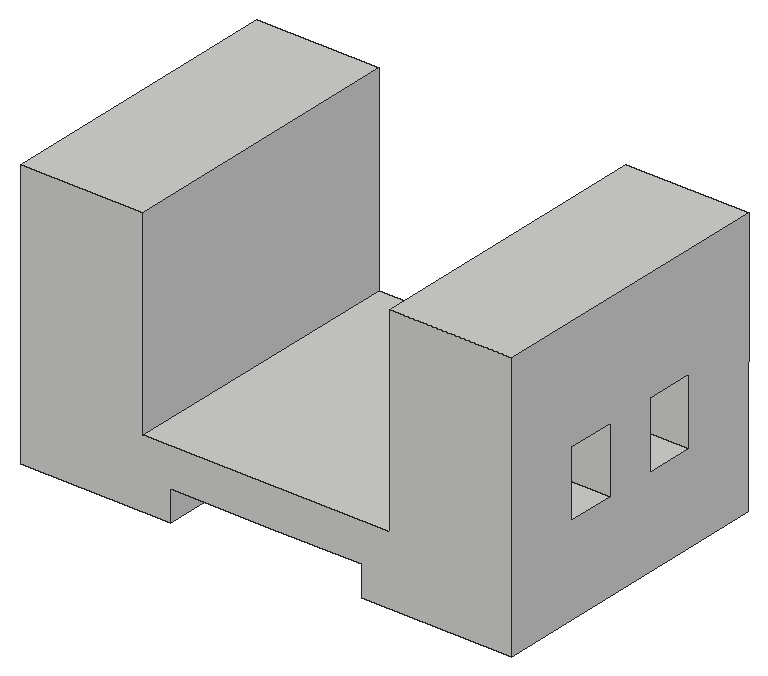
Revit family "PV Unterteil, 3 polig in Y- Schaltung", category Generic Models, Revit 2015
Parameters (values of type "V20-C U-3PH-Y")
  Width = 90 mm
  URL = "http://www.obo-bettermann.com"
  Material = OBO PA 6 GF20
  Manufacturer Art.No. = "5096647"
  Manufacturer = "OBO Bettermann"
  Length = 54 mm
  Height = 61.8 mm
  GTIN = "4012195299455"
  Cut depth = 12 mm
  Article Type = "V20-C U-3PH-Y"
Reference planes
  plane 1 "Center (Front/Back)": y = 0
  plane 2: z = 0
  plane 3 "Center (Left/Right)": x = 0
  plane 4: z = 54.998
  plane 5: y = 27
  plane 6: y = -27
  plane 7: z = 37
  plane 8: z = 48
  plane 9: z = 46
  plane 10: z = 58
  plane 11: z = 61.8
  plane 12: x = 30.5
Forms (mm)
  Extrusion 1, solid, material "OBO PA 6 GF20" <- "Material"
    sketch origin (0, 0, 0) x (1, 0, 0) y (0, 0, 1)
      loop
        line (0, 5.5) -> (17.5, 5.5) -> (17.5, 0) -> (45, 0) -> (45, 49) -> (-45, 49) -> (-45, 0) -> (-17.5, 0) -> (-17.5, 5.5) -> (0, 5.5)
    from -27 to 27
  Extrusion 2, void
    sketch origin (0, 0, 0) x (1, 0, 0) y (0, 0, 1)
      loop
        line (-22.55, 49) -> (-22.55, 12.55) -> (22.55, 12.55) -> (22.55, 49) -> (-22.55, 49)
    from -27 to 27
  Extrusion 3, void
    sketch origin (0, 0, 0) x (0, 1, 0) y (0, 0, 1)
      loop
        line (13.5, 28.5) -> (4.5, 28.5) -> (4.5, 16.3) -> (13.5, 16.3) -> (13.5, 28.5)
      loop
        line (-4.5, 28.5) -> (-13.5, 28.5) -> (-13.5, 16.3) -> (-4.5, 16.3) -> (-4.5, 28.5)
    from 30.5 to 45
Cuts and joins
  Extrusion 2, Extrusion 3 cuts Extrusion 1
Dimensions and locks
  locked: Extrusion 1 sketch curve to plane 3 "Center (Left/Right)" at 45
  locked: Extrusion 1 sketch curve to level at 5.5
  locked: Extrusion 1 sketch curve to plane 3 "Center (Left/Right)" at 17.5
  "Width": Extrusion 1 sketch curve to Extrusion 1 sketch curve
  locked: plane 3 "Center (Left/Right)" to Extrusion 1 sketch curve at 17.5
  locked: Extrusion 1 sketch curve to level at 49
  "Length": plane 5 to plane 6
  locked: plane 8 to plane 9 at 2
  Extrusion 2 sketch curve to Extrusion 2 sketch curve = 45.1 mm
  equal spacing: Extrusion 2 sketch curve, plane 3 "Center (Left/Right)", Extrusion 2 sketch curve, locked at 22.55 each
  locked: Extrusion 1 to Extrusion 2 sketch curve at 36.45
  locked: plane 10 to cut or joined group of Extrusion 1, Extrusion 2, Extrusion 3 at 9
  "Height": plane 11 to level
  locked: plane 5 to plane 1 "Center (Front/Back)" at 27
  locked: Extrusion 3 sketch curve to Extrusion 3 sketch curve at 12.2
  locked: Extrusion 3 sketch curve to Extrusion 3 sketch curve at 9  (x3)
  equal spacing: Extrusion 3 sketch curve, plane 1 "Center (Front/Back)", Extrusion 3 sketch curve, locked at 4.5 each
  locked: Extrusion 3 sketch curve to level at 16.3
  locked: cut or joined group of Extrusion 1, Extrusion 2, Extrusion 3 to plane 12 at 14.5
  aligned and locked: level to plane 2
  aligned and locked: Extrusion 1 to plane 5
  aligned and locked: plane 6 to Extrusion 1
  aligned and locked: level to Extrusion 1 sketch curve
  aligned and locked: Extrusion 2 sketch curve to Extrusion 1
  aligned and locked: Extrusion 1 to Extrusion 2  (x2)
  aligned and locked: Extrusion 3 sketch curve to Extrusion 3 sketch curve  (x2)
  aligned and locked: Extrusion 3 to plane 12
  aligned and locked: Extrusion 1 to Extrusion 3
Automatic sketch dimensions
  Extrusion 1 sketch curve to plane 3 "Center (Left/Right)" = 0 mm
  Extrusion 1 sketch curve to level = 0 mm
